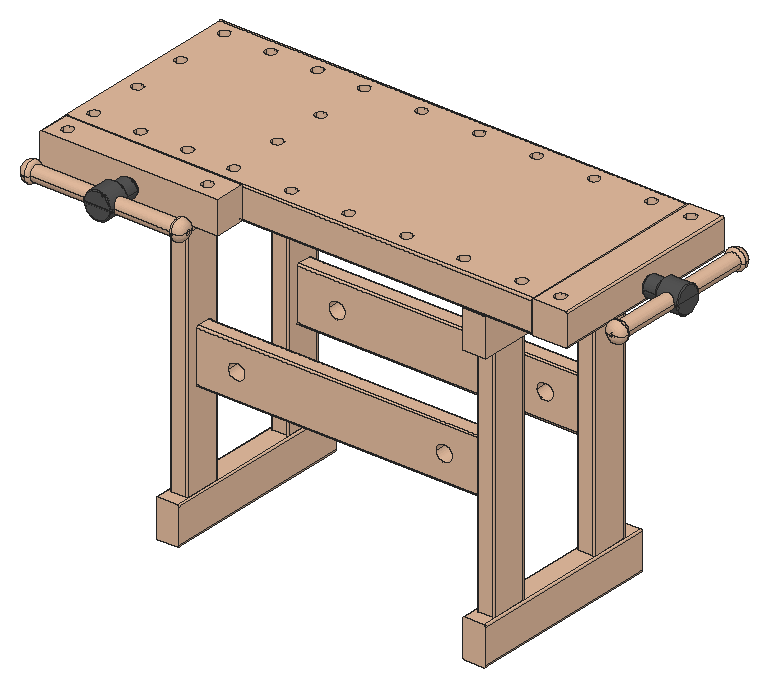
Revit family "Furniture_Other_Sjobergs_Workbench_Junior&Senior", category Furniture, Revit 2017
Family settings
  OmniClass Number = 23.40.70.14
  OmniClass Title = Retail and Commercial Equipment and Furnishings
  Work Plane-Based = No
  Always vertical = Yes
  Cut with Voids When Loaded = No
  Shared = No
  Room Calculation Point = No
Parameters (values of type "33365 Sjobergs Bench Junior")
  Weight = "22 kg"
  WarrantyStartDate [instance] = "n/a"
  WarrantyGuarantorParts = "n/a"
  WarrantyGuarantorLabor = "n/a"
  WarrantyDurationUnit = "Year"
  WarrantyDurationParts = "n/a"
  WarrantyDurationLabor = "n/a"
  WarrantyDescription = "n/a"
  VersionDate = "26/06/2020"  # constant formula
  Version = "1"  # constant formula
  Uniclass2015Reference = "Pr_40_50_21_76"
  Uniclass2015Description = "Desks, Tables And Worktops"
  Uniclass2 = "Pr_40_50_21"
  URL = "https://www.sjobergs.se/sortiment/hobby/196.php?id=1025&cat=30&lang=se&artnr=33365"
  Type Comments = ""
  TagNumber [instance] = "n/a"
  TableSecondaryMaterial = Black Metal
  TableMainMaterial = Beech
  SustainabilityPerformance = "n/a"
  Style = "n/a"
  Size = "1000x490x640 mm"
  Shape = "Sculptured"
  SerialNumber [instance] = "n/a"
  Revision = "n/a"
  ReplacementCost = "n/a"
  ProductInformation = "Intended for pre-school and recreational activities. Junior&Senior is delivered complete with trestle and bench dogs. Trestle is delivered in 640 and 860 mm."
  ProductDatasheet = "https://www.sjobergs.se/dbhires/Produktblad_Junior_Senior_2020.pdf"
  NominalLength = 1000 mm
  NominalHeight [instance] = 640 mm
  NominalDepth = 490 mm
  Name = "Sjobergs_Workbench_Junior&Senior"
  NBSReference = "45-35-20/320"
  NBSDescription = "School art, design and technology tables and workbenches;"
  ModelType = 33365_Junior : 33365_Junior
  ModelReference = "33365"
  ModelNumber = "n/a"
  Material = "Wood, metal"
  ManufacturerURL = "https://www.sjobergs.se/en/"
  ManufacturerName = "Sjöbergs"
  Model = "33365 Sjobergs Bench Junior"
  Manufacturer = ManufacturerName  # "Sjöbergs"
  MainColor = "Wooden"
  InstallationDate [instance] = "n/a"
  IfcExportType = "TABLE"  # constant formula
  IfcExportAs = "IfcFurnishingElementType"  # constant formula
  Grade = "n/a"
  Finish = "Solid birch"
  Features = "A sturdy bench with many features that facilitate woodworking and crafts. The bench has two double rows of bench dog holes. Cupboard 0022 only suits the Senior height."
  ExpectedLife = "n/a"
  EANNumber = ""
  DurationUnit = "Year"
  Description = "Intended for pre-school and recreational activities. Junior&Senior is delivered complete with trestle and bench dogs. Trestle is delivered in 640 and 860 mm."
  Cost = 0
  ConvergoRefNr = "0184-2005-0019-SE"
  Constituents = "33365 Junior"
  Color = MainColor  # "Wooden"
  Collection = "Planer Benches"
  CodePerformance = "n/a"
  Barcode [instance] = "n/a"
  AssetIdentifier [instance] = "n/a"
  Category = "Hobby"
  Brand = ManufacturerName  # "Sjöbergs"
  BIMObjectName = "Furniture_Other_Sjobergs_Workbench_Junior&Senior"
  Author = "Convergo AB"  # constant formula
  AssetType = "Movable"
  AccessibilityPerformance = "n/a"
Types (3, lengths in mm): name | Size | NominalHeight | ModelType | Model | Constituents
  (no name) | "1000x490x640 mm" | 640 | 33365_Junior : 33365_Junior | "33365 Sjobergs Bench Junior" | "33365 Junior"
  33365 Sjobergs Bench Junior | "1000x490x640 mm" | 640 | 33365_Junior : 33365_Junior | "33365 Sjobergs Bench Junior" | "33365 Junior"
  33365 Sjobergs Bench Senior | "1000x490x860 mm" | 860 | 33365_Senior : 33365_Senior | "33365 Sjobergs Bench Senior" | "33365 Senior"
Reference planes
  plane 1 "Center (Front/Back)": y = 0
  plane 2: z = 0
  plane 3 "Center (Left/Right)": x = 0
  plane 4: x = -500
  plane 5: x = 500
  plane 6: y = 245
  plane 7: y = -245
  plane 8: z = 640
Dimensions and locks
  equal spacing: plane 4, plane 3 "Center (Left/Right)", plane 5
  "NominalLength": plane 4 to plane 5
  equal spacing: plane 6, plane 1 "Center (Front/Back)", plane 7
  "NominalDepth": plane 7 to plane 6
  "NominalHeight": plane 8 to plane 2
  aligned and locked: level to plane 2
  aligned and locked: plane 3 "Center (Left/Right)" to nested 1
  aligned and locked: plane 1 "Center (Front/Back)" to nested 1
Nested families
  nested 1: "33365_Junior" at (0, 0, 0), type <- "ModelType", Main <- "TableMainMaterial", Secondary <- "TableSecondaryMaterial", type "33365_Junior"
    with Secondary Black Metal, Main Beech
Definition of nested family "33365_Junior"
  Parameters (values of type "33365_Junior")
    Secondary [instance] = none
    Main [instance] = none
  Reference planes
    plane 1 "Center (Front/Back)": y = 0
    plane 2: z = 0
    plane 3 "Center (Left/Right)": x = 0
    plane 4: z = 640
    plane 5: x = -500
    plane 6: x = 500
    plane 7: y = 245
    plane 8: y = -245
  Forms (mm)
    Extrusion 1, solid, material <- "Main", detail levels medium+fine
      sketch origin (-268.25, 0, -260.5) x (-1, 0, 0) y (0, 0, -1)
        loop
          line (-694.75, -843.5) -> (-694.75, -897.5)
          arc (-694.75, -897.5) -> (-693.871, -899.621) -> (-691.75, -900.5) r 3
          line (-691.75, -900.5) -> (-632.75, -900.5)
          arc (-632.75, -900.5) -> (-630.629, -899.621) -> (-629.75, -897.5) r 3
          line (-629.75, -897.5) -> (-629.75, -843.5)
          arc (-629.75, -843.5) -> (-630.629, -841.379) -> (-632.75, -840.5) r 3
          line (-632.75, -840.5) -> (-691.75, -840.5)
          arc (-691.75, -840.5) -> (-693.871, -841.379) -> (-694.75, -843.5) r 3
      from -245 to 115
    Extrusion 2, solid, material <- "Main", detail levels medium+fine
      sketch origin (61, 125.25, -260.5) x (1, 0, 0) y (0, 0, 1)
        loop
          arc (-561, 843.5) -> (-560.121, 841.379) -> (-558, 840.5) r 3
          line (-558, 840.5) -> (-234.25, 840.5) -> (-234.25, 900.5) -> (-558, 900.5)
          arc (-558, 900.5) -> (-560.121, 899.621) -> (-561, 897.5) r 3
          line (-561, 897.5) -> (-561, 843.5)
      from 240.25 to 296.75
    Extrusion 3, solid, material <- "Main", detail levels medium+fine
      sketch origin (1202.087, 0, -260.5) x (1, 0, 0) y (0, 0, 1)
        loop
          line (-1702.087, 900.5) -> (-1702.087, 840.5) -> (-840.587, 840.5) -> (-840.587, 900.5) -> (-1702.087, 900.5)
      from -185 to 55
    Extrusion 4, solid, material <- "Main", detail levels medium+fine
      sketch origin (-648, -534.087, -260.5) x (0, -1, 0) y (0, 0, -1)
        loop
          line (-479.087, -900.5) -> (-422.087, -900.5)
          arc (-422.087, -900.5) -> (-419.965, -899.621) -> (-419.087, -897.5) r 3
          line (-419.087, -897.5) -> (-419.087, -843.5)
          arc (-419.087, -843.5) -> (-419.965, -841.379) -> (-422.087, -840.5) r 3
          line (-422.087, -840.5) -> (-479.087, -840.5) -> (-479.087, -900.5)
        loop
          line (-719.087, -900.5) -> (-719.087, -840.5) -> (-776.087, -840.5)
          arc (-776.087, -840.5) -> (-778.208, -841.379) -> (-779.087, -843.5) r 3
          line (-779.087, -843.5) -> (-779.087, -897.5)
          arc (-779.087, -897.5) -> (-778.208, -899.621) -> (-776.087, -900.5) r 3
          line (-776.087, -900.5) -> (-719.087, -900.5)
      from 148 to 1009.5
    Extrusion 5, solid, material <- "Main", detail levels medium+fine
      sketch origin (104, 50, 0) x (1, 0, 0) y (0, 1, 0)
        loop
          line (-430, -72.75) -> (-430, -136.75)
          arc (-430, -136.75) -> (-429.121, -138.871) -> (-427, -139.75) r 3
          line (-427, -139.75) -> (-401, -139.75)
          arc (-401, -139.75) -> (-398.879, -138.871) -> (-398, -136.75) r 3
          line (-398, -136.75) -> (-398, -72.75)
          arc (-398, -72.75) -> (-398.879, -70.629) -> (-401, -69.75) r 3
          line (-401, -69.75) -> (-427, -69.75)
          arc (-427, -69.75) -> (-429.121, -70.629) -> (-430, -72.75) r 3
        loop
          line (-430, 159.25) -> (-430, 95.25)
          arc (-430, 95.25) -> (-429.121, 93.129) -> (-427, 92.25) r 3
          line (-427, 92.25) -> (-401, 92.25)
          arc (-401, 92.25) -> (-398.879, 93.129) -> (-398, 95.25) r 3
          line (-398, 95.25) -> (-398, 159.25)
          arc (-398, 159.25) -> (-398.879, 161.371) -> (-401, 162.25) r 3
          line (-401, 162.25) -> (-427, 162.25)
          arc (-427, 162.25) -> (-429.121, 161.371) -> (-430, 159.25) r 3
        loop
          line (164, 162.25) -> (138, 162.25)
          arc (138, 162.25) -> (135.879, 161.371) -> (135, 159.25) r 3
          line (135, 159.25) -> (135, 95.25)
          arc (135, 95.25) -> (135.879, 93.129) -> (138, 92.25) r 3
          line (138, 92.25) -> (164, 92.25)
          arc (164, 92.25) -> (166.121, 93.129) -> (167, 95.25) r 3
          line (167, 95.25) -> (167, 159.25)
          arc (167, 159.25) -> (166.121, 161.371) -> (164, 162.25) r 3
        loop
          line (164, -69.75) -> (138, -69.75)
          arc (138, -69.75) -> (135.879, -70.629) -> (135, -72.75) r 3
          line (135, -72.75) -> (135, -136.75)
          arc (135, -136.75) -> (135.879, -138.871) -> (138, -139.75) r 3
          line (138, -139.75) -> (164, -139.75)
          arc (164, -139.75) -> (166.121, -138.871) -> (167, -136.75) r 3
          line (167, -136.75) -> (167, -72.75)
          arc (167, -72.75) -> (166.121, -70.629) -> (164, -69.75) r 3
      from 70 to 510
    Extrusion 6, solid, material <- "Main", detail levels medium+fine
      sketch origin (0, 0, -700) x (1, 0, 0) y (0, 0, 1)
        loop
          line (-331, 1280) -> (-331, 1210) -> (-289, 1210) -> (-289, 1280) -> (-331, 1280)
        loop
          line (234, 1280) -> (234, 1210) -> (276, 1210) -> (276, 1280) -> (234, 1280)
        loop
          line (-331, 767) -> (-331, 703)
          arc (-331, 703) -> (-330.121, 700.879) -> (-328, 700) r 3
          line (-328, 700) -> (-292, 700)
          arc (-292, 700) -> (-289.879, 700.879) -> (-289, 703) r 3
          line (-289, 703) -> (-289, 767)
          arc (-289, 767) -> (-289.879, 769.121) -> (-292, 770) r 3
          line (-292, 770) -> (-328, 770)
          arc (-328, 770) -> (-330.121, 769.121) -> (-331, 767) r 3
        loop
          line (234, 767) -> (234, 703)
          arc (234, 703) -> (234.879, 700.879) -> (237, 700) r 3
          line (237, 700) -> (273, 700)
          arc (273, 700) -> (275.121, 700.879) -> (276, 703) r 3
          line (276, 703) -> (276, 767)
          arc (276, 767) -> (275.121, 769.121) -> (273, 770) r 3
          line (273, 770) -> (237, 770)
          arc (237, 770) -> (234.879, 769.121) -> (234, 767) r 3
      from -245 to 115
    Revolve 7, solid, material <- "Secondary", detail levels medium+fine
      sketch origin (50.625, 125.25, 604.5) x (1, 0, 0) y (0, 1, 0)
        loop
          line (-387.25, -370.25) -> (-387.25, -269.75) -> (-403.336, -269.75) -> (-403.336, -299.75) -> (-405.25, -301.664) -> (-405.25, -324.25) -> (-412.25, -331.25) -> (-412.25, -368.482) -> (-410.482, -370.25) -> (-387.25, -370.25)
        axis (-387.25, -269.75) -> (-387.25, -370.25)
      angle from 0 to 360
    Revolve 8, solid, material <- "Main", detail levels medium+fine
      sketch origin (50.625, 125.25, 605.125) x (1, 0, 0) y (0, 1, 0)
        loop
          line (-538.058, -349.75) -> (-236.472, -349.75) -> (-236.472, -346.25)
          arc (-236.472, -346.25) -> (-240.865, -335.643) -> (-251.472, -331.25) r 15
          arc (-251.472, -331.25) -> (-255.377, -332.664) -> (-257.472, -336.25) r 6.1
          line (-257.472, -336.25) -> (-517.058, -336.25)
          arc (-517.058, -336.25) -> (-519.153, -332.664) -> (-523.058, -331.25) r 6.1
          arc (-523.058, -331.25) -> (-533.664, -335.643) -> (-538.058, -346.25) r 15
          line (-538.058, -346.25) -> (-538.058, -349.75)
        axis (-538.058, -349.75) -> (-236.472, -349.75)
      angle from 0 to 360
    Revolve 9, solid, material <- "Secondary", detail levels medium+fine
      sketch origin (129.75, 458.5, 604.5) x (0, 1, 0) y (-1, 0, 0)
        loop
          line (-387.25, -370.25) -> (-387.25, -269.75) -> (-403.336, -269.75) -> (-403.336, -299.75) -> (-405.25, -301.664) -> (-405.25, -324.25) -> (-412.25, -331.25) -> (-412.25, -368.482) -> (-410.482, -370.25) -> (-387.25, -370.25)
        axis (-387.25, -269.75) -> (-387.25, -370.25)
      angle from 0 to 360
    Revolve 10, solid, material <- "Main", detail levels medium+fine
      sketch origin (129.75, 458.5, 605.125) x (0, 1, 0) y (-1, 0, 0)
        loop
          line (-538.058, -349.75) -> (-236.472, -349.75) -> (-236.472, -346.25)
          arc (-236.472, -346.25) -> (-240.865, -335.643) -> (-251.472, -331.25) r 15
          arc (-251.472, -331.25) -> (-255.377, -332.664) -> (-257.472, -336.25) r 6.1
          line (-257.472, -336.25) -> (-517.058, -336.25)
          arc (-517.058, -336.25) -> (-519.153, -332.664) -> (-523.058, -331.25) r 6.1
          arc (-523.058, -331.25) -> (-533.664, -335.643) -> (-538.058, -346.25) r 15
          line (-538.058, -346.25) -> (-538.058, -349.75)
        axis (-538.058, -349.75) -> (-236.472, -349.75)
      angle from 0 to 360
    Extrusion 11, void
      sketch origin (0, 0, -260.5) x (1, 0, 0) y (0, 1, 0)
        loop
          circle (-470, 215) r 10
        loop
          circle (-384, 215) r 10
        loop
          circle (-298, 215) r 10
        loop
          circle (-212, 215) r 10
        loop
          circle (-106, 215) r 10
        loop
          circle (390, 215) r 10
        loop
          circle (-470, -85) r 10
        loop
          circle (-384, -85) r 10
        loop
          circle (-298, -85) r 10
        loop
          circle (-212, -85) r 10
        loop
          circle (-106, -85) r 10
        loop
          circle (390, -85) r 10
        loop
          circle (-470, -145) r 10
        loop
          circle (-212, -145) r 10
        loop
          circle (-470, 15) r 10
        loop
          circle (-212, 15) r 10
        loop
          circle (-470, 115) r 10
        loop
          circle (-212, 115) r 10
        loop
          circle (0, 215) r 10
        loop
          circle (0, -85) r 10
        loop
          circle (106, 215) r 10
        loop
          circle (106, -85) r 10
        loop
          circle (212, 215) r 10
        loop
          circle (212, -85) r 10
        loop
          circle (318, 215) r 10
        loop
          circle (318, -85) r 10
      from 821 to 970.05
    Extrusion 12, solid, material <- "Main", detail levels coarse
      sketch origin (0, 0, 0) x (1, 0, 0) y (0, 1, 0)
        loop
          line (-500, 245) -> (-500, -245) -> (500, -245) -> (500, 245) -> (-500, 245)
      from 0 to 640
    Extrusion 13, solid, material <- "Main", detail levels medium+fine
      sketch origin (0, 0, -155) x (0, 1, 0) y (0, 0, 1)
        loop
          arc (192.25, 497) -> (191.371, 499.121) -> (189.25, 500) r 3
          line (189.25, 500) -> (165.25, 500)
          arc (165.25, 500) -> (163.129, 499.121) -> (162.25, 497) r 3
          line (162.25, 497) -> (162.25, 403)
          arc (162.25, 403) -> (163.129, 400.879) -> (165.25, 400) r 3
          line (165.25, 400) -> (189.25, 400)
          arc (189.25, 400) -> (191.371, 400.879) -> (192.25, 403) r 3
          line (192.25, 403) -> (192.25, 497)
        loop
          arc (-39.75, 497) -> (-40.629, 499.121) -> (-42.75, 500) r 3
          line (-42.75, 500) -> (-66.75, 500)
          arc (-66.75, 500) -> (-68.871, 499.121) -> (-69.75, 497) r 3
          line (-69.75, 497) -> (-69.75, 403)
          arc (-69.75, 403) -> (-68.871, 400.879) -> (-66.75, 400) r 3
          line (-66.75, 400) -> (-42.75, 400)
          arc (-42.75, 400) -> (-40.629, 400.879) -> (-39.75, 403) r 3
          line (-39.75, 403) -> (-39.75, 497)
      from -294 to 239
    Extrusion 14, void
      sketch origin (0, 0, -155) x (1, 0, 0) y (0, 0, 1)
        loop
          circle (-219, 450) r 15
        loop
          circle (164, 450) r 15
      from -370.25 to 370.25
  Cuts and joins
    Extrusion 11 cuts Extrusion 3
    Extrusion 11 cuts Extrusion 4
    joined: Extrusion 3, Extrusion 4
    Extrusion 11 cuts Extrusion 1
    Extrusion 11 cuts Extrusion 2
    Extrusion 14 cuts Extrusion 13
    joined: Extrusion 5, Extrusion 6, Extrusion 13
  Lines and regions (mm)
    symbolic lines, detail levels fine
      curve 1: line (361.5, -115, 0) -> (361.5, 245, 0)
      curve 3: line (431.414, 89.25, 0) -> (431.414, 53.25, 0)
      curve 7: line (454, 89.25, 0) -> (454, 53.25, 0)
      curve 16: line (493, 201.043, 0) -> (466, 201.043, 0)
      curve 29: line (429.5, 87.336, 0) -> (429.5, 55.164, 0)
      curve 31: line (461, 46.25, 0) -> (461, 96.25, 0)
      curve 32: line (498.232, 46.25, 0) -> (498.232, 96.25, 0)
      curve 33: arc (466, 96.25, 0) -> (479.5, 91.674, 0) -> (493, 96.25, 0) r 22.203
      curve 34: arc (466, 46.25, 0) -> (479.5, 50.534, 0) -> (493, 46.25, 0) r 23.414
      curve 35: line (493, -58.543, 0) -> (466, -58.543, 0)
      curve 43: line (-318.625, -176.414, 0) -> (-354.625, -176.414, 0)
      curve 47: line (-318.625, -199, 0) -> (-354.625, -199, 0)
      curve 56: line (-206.832, -238, 0) -> (-206.832, -211, 0)
      curve 69: line (-320.539, -174.5, 0) -> (-352.711, -174.5, 0)
      curve 71: line (-361.625, -206, 0) -> (-311.625, -206, 0)
      curve 72: line (-361.625, -243.232, 0) -> (-311.625, -243.232, 0)
      curve 73: arc (-311.625, -211, 0) -> (-316.201, -224.5, 0) -> (-311.625, -238, 0) r 22.203
      curve 74: arc (-361.625, -211, 0) -> (-357.341, -224.5, 0) -> (-361.625, -238, 0) r 23.414
      curve 75: line (-466.418, -238, 0) -> (-466.418, -211, 0)
      curve 84: line (-500, -115, 0) -> (-173.25, -115, 0)
      curve 90: line (0, -176.414, 586.5) -> (0, -176.414, 622.5)
      curve 93: line (0, -199, 586.5) -> (0, -199, 622.5)
      curve 103: line (0, -243.161, 629.571) -> (0, -243.161, 579.429)
      curve 104: line (0, -206.071, 579.429) -> (0, -206.071, 629.571)
      curve 105: line (0, -174.5, 620.586) -> (0, -174.5, 588.414)
      curve 106: circle (0, -224.616, 605.125) r 18.545 normal (-1, 0, 0)
      curve 111: line (299.5, 0, 580) -> (299.5, 0, 640)
      curve 113: arc (364.22, 0, 640) -> (362.033, 0, 639.094) -> (361.127, 0, 636.907) r 3.093
      curve 114: line (361.127, 0, 636.907) -> (361.127, 0, 580)
      curve 119: line (431.414, 0, 622.5) -> (431.414, 0, 586.5)
      curve 123: line (454, 0, 622.5) -> (454, 0, 586.5)
      curve 132: line (461.071, 0, 629.571) -> (461.071, 0, 579.429)
      curve 133: line (498.161, 0, 629.571) -> (498.161, 0, 579.429)
      curve 134: circle (479.573, 0, 605.215) r 18.503 normal (0, -1, 0)
      curve 135: line (-467.125, 0, 618.625) -> (-467.125, 0, 591.625)
      curve 136: line (-467.125, 0, 591.625) -> (-357.969, 0, 591.625)
      curve 137: line (-467.125, 0, 618.625) -> (-357.143, 0, 618.625)
      curve 138: arc (-361.625, 0, 604.5) -> (-337.125, 0, 580) -> (-312.625, 0, 604.5) r 24.5
      curve 139: arc (-312.625, 0, 604.5) -> (-337.125, 0, 629) -> (-361.625, 0, 604.5) r 24.5
      curve 140: arc (-360.357, 0, 604.5) -> (-337.125, 0, 627.732) -> (-313.893, 0, 604.5) r 23.232
      curve 141: arc (-313.893, 0, 604.5) -> (-337.125, 0, 581.268) -> (-360.357, 0, 604.5) r 23.232
      curve 142: arc (-467.125, 0, 618.625) -> (-469.024, 0, 621.63) -> (-472.03, 0, 623.53) r 8.08
      curve 143: arc (-472.03, 0, 623.53) -> (-479.951, 0, 623.427) -> (-485.895, 0, 618.189) r 11.405
      curve 144: arc (-485.895, 0, 618.189) -> (-487.635, 0, 613.837) -> (-488.354, 0, 609.204) r 20.735
      curve 145: line (-488.354, 0, 609.204) -> (-488.354, 0, 605.125)
      curve 146: arc (-467.125, 0, 591.625) -> (-469.024, 0, 588.62) -> (-472.03, 0, 586.72) r 8.08
      curve 147: arc (-472.03, 0, 586.72) -> (-479.951, 0, 586.823) -> (-485.895, 0, 592.061) r 11.405
      curve 148: arc (-485.895, 0, 592.061) -> (-487.635, 0, 596.413) -> (-488.354, 0, 601.046) r 20.735
      curve 149: line (-488.354, 0, 601.046) -> (-488.354, 0, 605.125)
      curve 150: line (-208.264, 0, 618.625) -> (-208.264, 0, 591.625)
      curve 151: line (-208.264, 0, 591.625) -> (-316.281, 0, 591.625)
      curve 152: line (-208.264, 0, 618.625) -> (-317.107, 0, 618.625)
      curve 153: arc (-208.264, 0, 618.625) -> (-206.365, 0, 621.63) -> (-203.36, 0, 623.53) r 8.08
      curve 154: arc (-203.36, 0, 623.53) -> (-195.438, 0, 623.427) -> (-189.495, 0, 618.189) r 11.405
      curve 155: arc (-189.495, 0, 618.189) -> (-187.754, 0, 613.837) -> (-187.036, 0, 609.204) r 20.735
      curve 156: line (-187.036, 0, 609.204) -> (-187.036, 0, 605.125)
      curve 157: arc (-208.264, 0, 591.625) -> (-206.365, 0, 588.62) -> (-203.36, 0, 586.72) r 8.08
      curve 158: arc (-203.36, 0, 586.72) -> (-195.438, 0, 586.823) -> (-189.495, 0, 592.061) r 11.405
      curve 159: arc (-189.495, 0, 592.061) -> (-187.754, 0, 596.413) -> (-187.036, 0, 601.046) r 20.735
      curve 160: line (-187.036, 0, 601.046) -> (-187.036, 0, 605.125)
      curve 161: line (-331, 0, 580) -> (-337.125, 0, 580)
      curve 170: line (0, -89.75, 70) -> (0, 212.25, 70)
      curve 172: line (0, 142.25, 70) -> (0, 142.25, 510)
      curve 173: line (0, -19.75, 510) -> (0, -19.75, 70)
      curve 175: line (0, 212.25, 510) -> (0, -89.75, 510)
      curve 177: line (-326, 0, 510) -> (-292, 0, 510)
      curve 180: line (-294, 0, 510) -> (-294, 0, 245)
      curve 189: line (-326, 0, 70) -> (-294, 0, 70)
      curve 191: line (271, 0, 510) -> (237, 0, 510)
      curve 192: line (234, 0, 513) -> (234, 0, 580)
      curve 194: arc (237, 0, 510) -> (234.879, 0, 510.879) -> (234, 0, 513) r 3
      curve 196: line (239, 0, 510) -> (239, 0, 245)
      curve 207: line (271, 0, 70) -> (239, 0, 70)
      curve 209: line (239, 0, 345) -> (-294, 0, 345)
      curve 214: circle (164, 0, 295) r 15 normal (0, -1, 0)
      curve 215: circle (-219, 0, 295) r 15 normal (0, -1, 0)
      curve 220: line (426.5, 0, 588.414) -> (426.5, 0, 620.586)
      curve 221: line (0, -174.5, 588.414) -> (0, -176.414, 586.5)
      curve 224: line (0, -171.5, 620.586) -> (0, -171.5, 588.414)
      curve 226: line (0, -115, 580) -> (0, 245, 580)
      curve 229: line (426.5, 55.164, 0) -> (426.5, 87.336, 0)
      curve 236: line (-352.711, -171.5, 0) -> (-320.539, -171.5, 0)
      curve 239: circle (-470, 215, 0) r 10 normal (0, 0, 1)
      curve 240: circle (-384, 215, 0) r 10 normal (0, 0, 1)
      curve 241: circle (-298, 215, 0) r 10 normal (0, 0, 1)
      curve 242: circle (-212, 215, 0) r 10 normal (0, 0, 1)
      curve 243: circle (-106, 215, 0) r 10 normal (0, 0, 1)
      curve 244: circle (0, 215, 0) r 10 normal (0, 0, 1)
      curve 245: circle (106, 215, 0) r 10 normal (0, 0, 1)
      curve 246: circle (212, 215, 0) r 10 normal (0, 0, 1)
      curve 247: circle (318, 215, 0) r 10 normal (0, 0, 1)
      curve 248: circle (318, -85, 0) r 10 normal (0, 0, 1)
      curve 249: circle (212, -85, 0) r 10 normal (0, 0, 1)
      curve 250: circle (106, -85, 0) r 10 normal (0, 0, 1)
      curve 251: circle (0, -85, 0) r 10 normal (0, 0, 1)
      curve 252: circle (-106, -85, 0) r 10 normal (0, 0, 1)
      curve 253: circle (-212, -85, 0) r 10 normal (0, 0, 1)
      curve 254: circle (-384, -85, 0) r 10 normal (0, 0, 1)
      curve 255: circle (-470, -85, 0) r 10 normal (0, 0, 1)
      curve 256: circle (-470, 15, 0) r 10 normal (0, 0, 1)
      curve 257: circle (-470, 115, 0) r 10 normal (0, 0, 1)
      curve 258: circle (-212, 115, 0) r 10 normal (0, 0, 1)
      curve 259: circle (-212, 15, 0) r 10 normal (0, 0, 1)
      curve 260: circle (-212, -145, 0) r 10 normal (0, 0, 1)
      curve 261: circle (-470, -145, 0) r 10 normal (0, 0, 1)
      curve 262: circle (-298, -85, 0) r 10 normal (0, 0, 1)
      curve 263: circle (390, -85, 0) r 10 normal (0, 0, 1)
      curve 264: circle (390, 215, 0) r 10 normal (0, 0, 1)
      curve 265: line (-289, 0, 513) -> (-289, 0, 580)
      curve 266: line (-331, 0, 580) -> (276, 0, 580)
      curve 267: arc (-289, 0, 513) -> (-289.879, 0, 510.879) -> (-292, 0, 510) r 3
    symbolic lines, detail levels medium+fine
      curve 2: line (426.5, -115, 0) -> (426.5, 55.164, 0)
      curve 4: line (431.414, 53.25, 0) -> (429.5, 55.164, 0)
      curve 5: line (431.414, 89.25, 0) -> (429.5, 87.336, 0)
      curve 6: line (431.414, 89.25, 0) -> (454, 89.25, 0)
      curve 8: line (454, 53.25, 0) -> (431.414, 53.25, 0)
      curve 9: line (500, 48.018, 0) -> (500, 94.482, 0)
      curve 10: line (500, 94.482, 0) -> (498.232, 96.25, 0)
      curve 11: line (498.232, 96.25, 0) -> (493, 96.25, 0)
      curve 12: line (461, 96.25, 0) -> (454, 89.25, 0)
      curve 13: line (454, 53.25, 0) -> (461, 46.25, 0)
      curve 14: line (461, 46.25, 0) -> (466, 46.25, 0)
      curve 15: line (498.232, 46.25, 0) -> (500, 48.018, 0)
      curve 17: line (466, -58.543, 0) -> (466, 46.25, 0)
      curve 18: line (493, -58.592, 0) -> (493, 46.25, 0)
      curve 19: line (466, 201.043, 0) -> (466, 96.25, 0)
      curve 20: line (493, 201.092, 0) -> (493, 96.25, 0)
      curve 21: line (474.915, 222.058, 0) -> (483.718, 222.058, 0)
      curve 22: arc (462.398, 213.598, 0) -> (467.362, 219.745, 0) -> (474.915, 222.058, 0) r 13.49
      curve 23: arc (461.229, 205.896, 0) -> (461.366, 209.815, 0) -> (462.398, 213.598, 0) r 16.976
      curve 24: arc (466, 201.043, 0) -> (462.734, 202.604, 0) -> (461.229, 205.896, 0) r 5.307
      curve 25: arc (496.235, 213.598, 0) -> (491.272, 219.745, 0) -> (483.718, 222.058, 0) r 13.49
      curve 26: arc (497.405, 205.896, 0) -> (497.268, 209.815, 0) -> (496.235, 213.598, 0) r 16.976
      curve 27: arc (493, 201.092, 0) -> (496.027, 202.738, 0) -> (497.405, 205.896, 0) r 5.307
      curve 28: line (466, 96.25, 0) -> (461, 96.25, 0)
      curve 30: line (493, 46.25, 0) -> (498.232, 46.25, 0)
      curve 36: line (474.915, -79.558, 0) -> (483.718, -79.558, 0)
      curve 37: arc (462.398, -71.098, 0) -> (467.362, -77.245, 0) -> (474.915, -79.558, 0) r 13.49
      curve 38: arc (461.229, -63.396, 0) -> (461.366, -67.315, 0) -> (462.398, -71.098, 0) r 16.976
      curve 39: arc (466, -58.543, 0) -> (462.734, -60.104, 0) -> (461.229, -63.396, 0) r 5.307
      curve 40: arc (496.235, -71.098, 0) -> (491.272, -77.245, 0) -> (483.718, -79.558, 0) r 13.49
      curve 41: arc (497.405, -63.396, 0) -> (497.268, -67.315, 0) -> (496.235, -71.098, 0) r 16.976
      curve 42: arc (493, -58.592, 0) -> (496.027, -60.238, 0) -> (497.405, -63.396, 0) r 5.307
      curve 44: line (-354.625, -176.414, 0) -> (-352.711, -174.5, 0)
      curve 45: line (-318.625, -176.414, 0) -> (-320.539, -174.5, 0)
      curve 46: line (-318.625, -176.414, 0) -> (-318.625, -199, 0)
      curve 48: line (-354.625, -199, 0) -> (-354.625, -176.414, 0)
      curve 49: line (-359.857, -245, 0) -> (-313.393, -245, 0)
      curve 50: line (-313.393, -245, 0) -> (-311.625, -243.232, 0)
      curve 51: line (-311.625, -243.232, 0) -> (-311.625, -238, 0)
      curve 52: line (-311.625, -206, 0) -> (-318.625, -199, 0)
      curve 53: line (-354.625, -199, 0) -> (-361.625, -206, 0)
      curve 54: line (-361.625, -206, 0) -> (-361.625, -211, 0)
      curve 55: line (-361.625, -243.232, 0) -> (-359.857, -245, 0)
      curve 57: line (-466.418, -211, 0) -> (-361.625, -211, 0)
      curve 58: line (-466.467, -238, 0) -> (-361.625, -238, 0)
      curve 59: line (-206.832, -211, 0) -> (-311.625, -211, 0)
      curve 60: line (-206.832, -238, 0) -> (-311.625, -238, 0)
      curve 61: line (-185.817, -219.915, 0) -> (-185.817, -228.718, 0)
      curve 62: arc (-194.277, -207.398, 0) -> (-188.13, -212.362, 0) -> (-185.817, -219.915, 0) r 13.49
      curve 63: arc (-201.979, -206.229, 0) -> (-198.06, -206.366, 0) -> (-194.277, -207.398, 0) r 16.976
      curve 64: arc (-206.832, -211, 0) -> (-205.271, -207.734, 0) -> (-201.979, -206.229, 0) r 5.307
      curve 65: arc (-194.277, -241.235, 0) -> (-188.13, -236.272, 0) -> (-185.817, -228.718, 0) r 13.49
      curve 66: arc (-201.979, -242.405, 0) -> (-198.06, -242.268, 0) -> (-194.277, -241.235, 0) r 16.976
      curve 67: arc (-206.783, -238, 0) -> (-205.137, -241.027, 0) -> (-201.979, -242.405, 0) r 5.307
      curve 68: line (-311.625, -211, 0) -> (-311.625, -206, 0)
      curve 70: line (-361.625, -238, 0) -> (-361.625, -243.232, 0)
      curve 76: line (-487.433, -219.915, 0) -> (-487.433, -228.718, 0)
      curve 77: arc (-478.973, -207.398, 0) -> (-485.12, -212.362, 0) -> (-487.433, -219.915, 0) r 13.49
      curve 78: arc (-471.271, -206.229, 0) -> (-475.19, -206.366, 0) -> (-478.973, -207.398, 0) r 16.976
      curve 79: arc (-466.418, -211, 0) -> (-467.979, -207.734, 0) -> (-471.271, -206.229, 0) r 5.307
      curve 80: arc (-478.973, -241.235, 0) -> (-485.12, -236.272, 0) -> (-487.433, -228.718, 0) r 13.49
      curve 81: arc (-471.271, -242.405, 0) -> (-475.19, -242.268, 0) -> (-478.973, -241.235, 0) r 16.976
      curve 82: arc (-466.467, -238, 0) -> (-468.113, -241.027, 0) -> (-471.271, -242.405, 0) r 5.307
      curve 83: line (-500, -115, 0) -> (-500, 245, 0)
      curve 85: line (-500, 245, 0) -> (426.5, 245, 0)
      curve 86: line (0, 245, 640) -> (0, -171.5, 640)
      curve 87: line (0, 245, 510) -> (0, 245, 640)
      curve 88: line (0, -171.5, 580) -> (0, -115, 580)
      curve 89: line (0, -171.5, 640) -> (0, -171.5, 620.586)
      curve 91: line (0, -176.414, 622.5) -> (0, -174.5, 620.586)
      curve 92: line (0, -176.414, 586.5) -> (0, -174.5, 588.414)
      curve 94: line (0, -199, 622.5) -> (0, -176.414, 622.5)
      curve 95: line (0, -176.414, 586.5) -> (0, -199, 586.5)
      curve 96: line (0, -199, 622.5) -> (0, -206.071, 629.571)
      curve 97: line (0, -245, 627.732) -> (0, -243.161, 629.571)
      curve 98: line (0, -206.071, 629.571) -> (0, -243.161, 629.571)
      curve 99: line (0, -245, 627.732) -> (0, -245, 581.268)
      curve 100: line (0, -245, 581.268) -> (0, -243.161, 579.429)
      curve 101: line (0, -199, 586.5) -> (0, -206.071, 579.429)
      curve 102: line (0, -206.071, 579.429) -> (0, -243.161, 579.429)
      curve 107: line (-500, 0, 637.652) -> (-500, 0, 582.837)
      curve 108: arc (-497.652, 0, 640) -> (-499.312, 0, 639.312) -> (-500, 0, 637.652) r 2.348
      curve 109: arc (-500, 0, 582.837) -> (-499.169, 0, 580.831) -> (-497.163, 0, 580) r 2.837
      curve 110: line (276, 0, 580) -> (356.552, 0, 580)
      curve 112: line (-497.652, 0, 640) -> (424.022, 0, 640)
      curve 115: line (356.552, 0, 580) -> (361.127, 0, 580)
      curve 116: arc (426.5, 0, 637.522) -> (425.774, 0, 639.274) -> (424.022, 0, 640) r 2.478
      curve 117: line (361.127, 0, 580) -> (426.5, 0, 580)
      curve 118: line (426.5, 0, 580) -> (426.5, 0, 588.414)
      curve 120: line (431.414, 0, 586.5) -> (429.5, 0, 588.414)
      curve 121: line (431.414, 0, 622.5) -> (429.5, 0, 620.586)
      curve 122: line (431.414, 0, 622.5) -> (454, 0, 622.5)
      curve 124: line (454, 0, 586.5) -> (431.414, 0, 586.5)
      curve 125: line (454, 0, 622.5) -> (461.071, 0, 629.571)
      curve 126: line (500, 0, 627.732) -> (498.161, 0, 629.571)
      curve 127: line (461.071, 0, 629.571) -> (498.161, 0, 629.571)
      curve 128: line (500, 0, 581.268) -> (498.161, 0, 579.429)
      curve 129: line (454, 0, 586.5) -> (461.071, 0, 579.429)
      curve 130: line (461.071, 0, 579.429) -> (498.161, 0, 579.429)
      curve 131: line (500, 0, 581.268) -> (500, 0, 627.732)
      curve 162: line (0, 245, 510) -> (0, 212.25, 510)
      curve 163: line (0, -115, 510) -> (0, -115, 580)
      curve 164: line (0, 212.25, 510) -> (0, 212.25, 70)
      curve 165: line (0, 245, 70) -> (0, 245, 0)
      curve 166: line (0, 245, 0) -> (0, -115, 0)
      curve 167: line (0, -115, 0) -> (0, -115, 70)
      curve 168: line (0, -89.75, 510) -> (0, -89.75, 70)
      curve 169: line (0, -89.75, 70) -> (0, -115, 70)
      curve 171: line (0, 212.25, 70) -> (0, 245, 70)
      curve 174: line (0, -89.75, 510) -> (0, -115, 510)
      curve 176: line (-331, 0, 513) -> (-331, 0, 580)
      curve 178: arc (-331, 0, 513) -> (-330.121, 0, 510.879) -> (-328, 0, 510) r 3
      curve 179: line (-326, 0, 510) -> (-328, 0, 510)
      curve 181: arc (-328, 0, 70) -> (-330.121, 0, 69.121) -> (-331, 0, 67) r 3
      curve 182: line (-331, 0, 67) -> (-331, 0, 2.659)
      curve 183: line (-289, 0, 3) -> (-289, 0, 67)
      curve 184: arc (-331, 0, 2.659) -> (-330.221, 0, 0.779) -> (-328.341, 0, 0) r 2.659
      curve 185: line (-328.341, 0, 0) -> (-292, 0, 0)
      curve 186: arc (-292, 0, 0) -> (-289.879, 0, 0.879) -> (-289, 0, 3) r 3
      curve 187: line (-328, 0, 70) -> (-326, 0, 70)
      curve 188: line (-326, 0, 70) -> (-326, 0, 510)
      curve 190: line (276, 0, 513) -> (276, 0, 580)
      curve 193: arc (276, 0, 513) -> (275.121, 0, 510.879) -> (273, 0, 510) r 3
      curve 195: line (271, 0, 510) -> (273, 0, 510)
      curve 197: arc (273, 0, 70) -> (275.121, 0, 69.121) -> (276, 0, 67) r 3
      curve 198: line (276, 0, 67) -> (276, 0, 3)
      curve 199: arc (234, 0, 67) -> (234.879, 0, 69.121) -> (237, 0, 70) r 3
      curve 200: line (234, 0, 3) -> (234, 0, 67)
      curve 201: arc (276, 0, 3) -> (275.121, 0, 0.879) -> (273, 0, 0) r 3
      curve 202: line (273, 0, 0) -> (237, 0, 0)
      curve 203: arc (237, 0, 0) -> (234.879, 0, 0.879) -> (234, 0, 3) r 3
      curve 204: line (273, 0, 70) -> (271, 0, 70)
      curve 205: line (237, 0, 70) -> (239, 0, 70)
      curve 206: line (271, 0, 70) -> (271, 0, 510)
      curve 208: line (-294, 0, 245) -> (239, 0, 245)
      curve 210: line (-294, 0, 245) -> (-294, 0, 70)
      curve 211: line (239, 0, 245) -> (239, 0, 70)
      curve 212: line (429.5, 0, 620.586) -> (426.5, 0, 620.586)
      curve 213: line (429.5, 0, 588.414) -> (426.5, 0, 588.414)
      curve 216: arc (-292, 0, 70) -> (-289.879, 0, 69.121) -> (-289, 0, 67) r 3
      curve 217: line (-294, 0, 70) -> (-292, 0, 70)
      curve 218: line (-497.163, 0, 580) -> (-331, 0, 580)
      curve 219: line (426.5, 0, 620.586) -> (426.5, 0, 637.522)
      curve 222: line (0, -174.5, 620.586) -> (0, -171.5, 620.586)
      curve 223: line (0, -174.5, 588.414) -> (0, -171.5, 588.414)
      curve 225: line (0, -171.5, 588.414) -> (0, -171.5, 580)
      curve 227: line (429.5, 87.336, 0) -> (426.5, 87.336, 0)
      curve 228: line (429.5, 55.164, 0) -> (426.5, 55.164, 0)
      curve 230: line (426.5, 87.336, 0) -> (426.5, 245, 0)
      curve 231: line (-500, -115, 0) -> (-500, -171.5, 0)
      curve 232: line (-500, -171.5, 0) -> (-352.711, -171.5, 0)
      curve 233: line (-173.25, -171.5, 0) -> (-173.25, -115, 0)
      curve 234: line (-352.711, -174.5, 0) -> (-352.711, -171.5, 0)
      curve 235: line (-320.539, -174.5, 0) -> (-320.539, -171.5, 0)
      curve 237: line (-320.539, -171.5, 0) -> (-173.25, -171.5, 0)
      curve 238: line (-173.25, -115, 0) -> (426.5, -115, 0)
  Dimensions and locks
    aligned and locked: level to plane 2
    aligned and locked: Extrusion 12 to plane 4
  Automatic sketch dimensions
    plane 8 to Revolve 7 sketch curve = 0 mm
    Revolve 7 sketch curve to plane 8 = 39 mm
    plane 5 to Revolve 7 sketch curve = 138.375 mm
    Revolve 7 sketch curve to Revolve 7 sketch curve = 1.768 mm
    Revolve 7 sketch curve to Revolve 7 sketch curve = 7 mm  (x2)
    Revolve 7 sketch curve to Revolve 7 sketch curve = 1.914 mm  (x2)
    Revolve 7 sketch curve to Revolve 7 sketch curve = 16.086 mm
    Revolve 7 sketch curve to plane 8 = 1.768 mm
    Revolve 7 sketch curve to Revolve 7 sketch curve = 18 mm
    plane 8 to Revolve 7 sketch curve = 11.321 mm
    Revolve 7 sketch curve to Revolve 7 sketch curve = 18.307 mm
    Revolve 8 sketch curve to plane 8 = 20.5 mm
    plane 5 to Revolve 8 sketch curve = 12.567 mm
    Revolve 8 sketch curve to Revolve 8 sketch curve = 15 mm  (x2)
    Revolve 8 sketch curve to Revolve 8 sketch curve = 6 mm  (x2)
    Revolve 8 sketch curve to plane 8 = 34 mm
    Revolve 8 sketch curve to plane 3 "Center (Left/Right)" = 206.847 mm
    Revolve 8 sketch curve to Revolve 8 sketch curve = 10 mm
    Revolve 8 sketch curve to Revolve 8 sketch curve = 3.5 mm
    Revolve 8 sketch curve to Revolve 8 sketch curve = 1.1 mm  (x2)
    Revolve 8 sketch curve to Revolve 8 sketch curve = 9.808 mm
    Revolve 8 sketch curve to Revolve 8 sketch curve = 25 mm
    Revolve 8 sketch curve to Revolve 8 sketch curve = 0 mm
    Revolve 9 sketch curve to plane 6 = 0 mm
    plane 6 to Revolve 9 sketch curve = 1.768 mm
    Revolve 9 sketch curve to plane 1 "Center (Front/Back)" = 46.25 mm
    Revolve 9 sketch curve to Revolve 9 sketch curve = 1.768 mm
    Revolve 9 sketch curve to Revolve 9 sketch curve = 7 mm  (x2)
    Revolve 9 sketch curve to Revolve 9 sketch curve = 1.914 mm  (x2)
    Revolve 9 sketch curve to Revolve 9 sketch curve = 23.232 mm
    Revolve 9 sketch curve to Revolve 9 sketch curve = 37.232 mm
    Revolve 9 sketch curve to Revolve 9 sketch curve = 22.586 mm
    Revolve 9 sketch curve to Revolve 9 sketch curve = 0 mm
    Revolve 9 sketch curve to Revolve 9 sketch curve = 11.321 mm
    Revolve 9 sketch curve to Revolve 9 sketch curve = 18.307 mm
    Revolve 10 sketch curve to Revolve 10 sketch curve = 15 mm  (x2)
    Revolve 10 sketch curve to Revolve 10 sketch curve = 6 mm  (x2)
    Revolve 10 sketch curve to plane 7 = 43.972 mm
    plane 6 to Revolve 10 sketch curve = 20.5 mm
    Revolve 10 sketch curve to Revolve 10 sketch curve = 3.5 mm  (x2)
    Revolve 10 sketch curve to Revolve 10 sketch curve = 6.1 mm  (x2)
    Revolve 10 sketch curve to Revolve 10 sketch curve = 1.1 mm
    Revolve 10 sketch curve to Revolve 10 sketch curve = 9.808 mm
    plane 7 to Revolve 10 sketch curve = 11.836 mm
    Revolve 10 sketch curve to Revolve 10 sketch curve = 0 mm
    Extrusion 12 sketch curve to plane 5 = 0 mm
    plane 8 to Extrusion 12 sketch curve = 0 mm
    plane 6 to Extrusion 12 sketch curve = 0 mm
    plane 7 to Extrusion 12 sketch curve = 0 mm
    Extrusion 13 sketch curve to Extrusion 13 sketch curve = 3 mm  (x5)
    Extrusion 13 sketch curve to plane 7 = 82.75 mm
    Extrusion 13 sketch curve to plane 7 = 79.75 mm  (x2)
    Extrusion 13 sketch curve to Extrusion 13 sketch curve = 24 mm  (x3)
    level to Extrusion 13 sketch curve = 245 mm  (x2)
    Extrusion 13 sketch curve to Extrusion 13 sketch curve = 94 mm  (x2)
    Extrusion 14 sketch curve to plane 3 "Center (Left/Right)" = 219 mm
    plane 3 "Center (Left/Right)" to Extrusion 14 sketch curve = 164 mm
    level to Extrusion 14 sketch curve = 295 mm  (x2)
    plane 5 to Extrusion 11 sketch curve = 30 mm  (x5)
    Extrusion 11 sketch curve to plane 1 "Center (Front/Back)" = 15 mm  (x2)
    Extrusion 11 sketch curve to Extrusion 11 sketch curve = 86 mm  (x7)
    Extrusion 11 sketch curve to plane 7 = 30 mm  (x10)
    Extrusion 11 sketch curve to Extrusion 11 sketch curve = 0 mm  (x3)
    Extrusion 11 sketch curve to Extrusion 11 sketch curve = 106 mm  (x6)
    Extrusion 11 sketch curve to plane 3 "Center (Left/Right)" = 0 mm  (x2)
    plane 3 "Center (Left/Right)" to Extrusion 11 sketch curve = 106 mm  (x2)
    Extrusion 11 sketch curve to Extrusion 11 sketch curve = 100 mm  (x2)
    plane 1 "Center (Front/Back)" to Extrusion 5 sketch curve = 22.75 mm  (x2)
    plane 5 to Extrusion 5 sketch curve = 174 mm
    Extrusion 5 sketch curve to plane 7 = 99.75 mm
    Extrusion 5 sketch curve to Extrusion 5 sketch curve = 0 mm
    Extrusion 5 sketch curve to Extrusion 5 sketch curve = 3 mm  (x12)
    Extrusion 5 sketch curve to Extrusion 5 sketch curve = 26 mm  (x8)
    plane 3 "Center (Left/Right)" to Extrusion 5 sketch curve = 239 mm  (x2)
    Extrusion 5 sketch curve to plane 7 = 35.75 mm  (x2)
    Extrusion 5 sketch curve to Extrusion 5 sketch curve = 67 mm
    curve 99 to plane 8 = 0 mm
    plane 4 to curve 89 = 0 mm
    curve 166 to level = 0 mm
    curve 166 to plane 7 = 0 mm
    curve 162 to plane 7 = 0 mm
    curve 103 to plane 8 = 1.839 mm
    curve 106 to plane 8 = 20.384 mm
    curve 106 to curve 102 = 18.545 mm
    curve 96 to curve 93 = 7.071 mm
    curve 93 to curve 95 = 22.586 mm
    curve 90 to curve 92 = 1.914 mm
    curve 90 to curve 225 = 4.914 mm
    curve 167 to curve 169 = 25.25 mm
    curve 164 to curve 87 = 32.75 mm
    level to curve 171 = 70 mm
    plane 4 to curve 175 = 130 mm
    plane 4 to curve 104 = 60.571 mm
    plane 4 to curve 88 = 60 mm
    curve 100 to curve 99 = 1.839 mm
    curve 101 to curve 101 = 7.071 mm
    curve 90 to curve 105 = 1.914 mm
    curve 99 to curve 106 = 23.857 mm
    plane 4 to curve 89 = 19.414 mm
    curve 91 to curve 91 = 1.914 mm
    plane 4 to curve 97 = 12.268 mm
    curve 93 to curve 98 = 7.071 mm
    plane 1 "Center (Front/Back)" to curve 173 = 19.75 mm
    curve 172 to curve 164 = 70 mm
    curve 232 to plane 5 = 0 mm
    plane 8 to curve 55 = 0 mm
    curve 251 to plane 3 "Center (Left/Right)" = 0 mm
    curve 244 to plane 3 "Center (Left/Right)" = 0 mm
    curve 1 to plane 7 = 0 mm
    curve 10 to plane 6 = 0 mm
    plane 5 to curve 76 = 12.567 mm
    curve 76 to curve 77 = 13.49 mm
    curve 80 to curve 77 = 0 mm
    curve 77 to curve 78 = 1.3 mm
    curve 81 to curve 78 = 0 mm
    curve 77 to curve 79 = 2.243 mm
    curve 80 to curve 82 = 2.243 mm
    plane 5 to curve 239 = 30 mm
    curve 256 to plane 1 "Center (Front/Back)" = 15 mm
    plane 5 to curve 256 = 30 mm
    plane 5 to curve 257 = 30 mm
    plane 5 to curve 261 = 30 mm
    plane 5 to curve 255 = 30 mm
    curve 82 to curve 58 = 5.233 mm
    curve 79 to curve 57 = 5.282 mm
    curve 255 to curve 254 = 86 mm
    curve 240 to plane 7 = 30 mm
    curve 239 to curve 240 = 86 mm
    curve 74 to plane 8 = 20.5 mm
    curve 79 to curve 74 = 85.662 mm
    curve 55 to plane 8 = 1.768 mm
    curve 74 to curve 55 = 19.131 mm
    curve 53 to plane 8 = 39 mm
    curve 74 to curve 53 = 19.131 mm
    curve 55 to curve 55 = 1.768 mm
    curve 53 to plane 8 = 46 mm
    curve 53 to curve 53 = 7 mm
    curve 43 to curve 232 = 1.914 mm
    curve 44 to curve 69 = 32.172 mm
    curve 45 to curve 43 = 1.914 mm
    curve 46 to curve 49 = 5.232 mm
    curve 46 to curve 71 = 7 mm
    curve 49 to curve 60 = 1.768 mm
    curve 254 to curve 262 = 86 mm
    curve 241 to plane 7 = 30 mm
    curve 240 to curve 241 = 86 mm
    curve 59 to curve 73 = 17.628 mm
    curve 242 to plane 7 = 30 mm
    curve 241 to curve 242 = 86 mm
    curve 262 to curve 253 = 86 mm
    curve 258 to curve 242 = 0 mm
    curve 259 to plane 1 "Center (Front/Back)" = 15 mm
    curve 259 to curve 258 = 0 mm
    curve 260 to curve 253 = 0 mm
    curve 56 to plane 8 = 34 mm
    curve 260 to curve 56 = 5.168 mm
    curve 56 to curve 67 = 5.282 mm
    curve 56 to curve 64 = 5.282 mm
    curve 67 to curve 66 = 0.943 mm
    curve 63 to curve 66 = 0 mm
    curve 66 to curve 65 = 1.3 mm
    curve 63 to curve 62 = 1.3 mm
    curve 62 to curve 61 = 13.49 mm
    curve 260 to curve 233 = 38.75 mm
    curve 243 to plane 7 = 30 mm
    curve 242 to curve 243 = 106 mm
    curve 84 to curve 252 = 67.25 mm
    curve 245 to plane 7 = 30 mm
    plane 3 "Center (Left/Right)" to curve 245 = 106 mm
    plane 3 "Center (Left/Right)" to curve 250 = 106 mm
    curve 250 to curve 249 = 106 mm
    curve 246 to plane 7 = 30 mm
    curve 245 to curve 246 = 106 mm
    curve 263 to curve 2 = 36.5 mm
    curve 227 to curve 227 = 3 mm
    curve 5 to curve 3 = 1.914 mm
    curve 3 to curve 12 = 22.586 mm
    curve 7 to curve 31 = 7 mm
    plane 6 to curve 16 = 34 mm
    plane 6 to curve 17 = 34 mm
    curve 24 to curve 24 = 0.519 mm
    curve 17 to curve 39 = 0.519 mm
    curve 39 to curve 37 = 8.397 mm
    curve 24 to curve 21 = 8.397 mm
    curve 37 to curve 38 = 3.235 mm
    curve 22 to curve 23 = 3.235 mm
    plane 6 to curve 34 = 20.5 mm
    plane 6 to curve 33 = 20.5 mm
    curve 23 to curve 26 = 2.334 mm
    curve 38 to curve 41 = 2.334 mm
    curve 41 to curve 40 = 3.235 mm
    curve 26 to curve 25 = 3.235 mm
    plane 6 to curve 42 = 7.885 mm
    plane 6 to curve 27 = 7.885 mm
    curve 27 to curve 20 = 0.885 mm
    curve 42 to curve 18 = 0.885 mm
    plane 6 to curve 30 = 1.768 mm
    curve 55 to curve 70 = 5.232 mm
    curve 60 to plane 8 = 7 mm
    curve 56 to curve 67 = 0.885 mm
    curve 58 to curve 82 = 0.885 mm
    curve 67 to curve 65 = 8.397 mm
    curve 82 to curve 80 = 8.397 mm
    curve 65 to curve 66 = 3.235 mm
    curve 80 to curve 81 = 3.235 mm
    curve 81 to curve 78 = 2.334 mm
    curve 66 to curve 63 = 2.334 mm
    curve 65 to curve 61 = 8.803 mm
    curve 76 to curve 76 = 8.803 mm
    curve 79 to curve 57 = 0.519 mm
    curve 64 to curve 56 = 0.519 mm
    curve 46 to curve 46 = 22.586 mm
    curve 43 to curve 235 = 1.914 mm
    curve 45 to curve 236 = 3 mm
    curve 40 to curve 40 = 13.49 mm
    curve 37 to curve 40 = 0 mm
    curve 40 to curve 41 = 1.3 mm
    curve 38 to curve 41 = 0 mm
    curve 37 to curve 39 = 7.274 mm
    curve 40 to curve 42 = 7.274 mm
    curve 42 to curve 18 = 5.233 mm
    curve 39 to curve 17 = 5.282 mm
    curve 34 to plane 1 "Center (Front/Back)" = 27.119 mm
    curve 34 to curve 14 = 19.131 mm
    curve 15 to curve 9 = 1.768 mm
    curve 13 to curve 8 = 7 mm
    curve 3 to curve 4 = 1.914 mm
    curve 2 to curve 229 = 32.172 mm
    curve 5 to curve 5 = 1.914 mm
    curve 6 to curve 9 = 5.232 mm
    curve 9 to curve 11 = 1.768 mm
    curve 33 to curve 33 = 17.628 mm
    curve 258 to curve 242 = 100 mm
    curve 256 to curve 257 = 100 mm
    curve 16 to plane 7 = 43.957 mm
    curve 16 to curve 20 = 0.049 mm
    curve 20 to curve 27 = 5.233 mm
    curve 24 to curve 24 = 5.282 mm
    curve 24 to curve 23 = 0.943 mm
    curve 23 to curve 26 = 0 mm
    curve 26 to curve 25 = 1.3 mm
    curve 23 to curve 22 = 1.3 mm
    curve 247 to plane 7 = 30 mm
    curve 244 to plane 7 = 30 mm
    curve 239 to plane 7 = 30 mm
    curve 264 to plane 7 = 30 mm
    curve 25 to curve 21 = 13.49 mm
    curve 81 to curve 80 = 0 mm
    curve 78 to curve 77 = 0 mm
    curve 56 to curve 67 = 0.049 mm
    curve 63 to curve 64 = 0 mm
    curve 67 to plane 8 = 2.595 mm
    curve 66 to curve 67 = 0 mm
    curve 23 to curve 24 = 0 mm
    curve 38 to curve 39 = 0 mm
    curve 26 to curve 25 = 0 mm
    curve 41 to curve 40 = 0 mm
    Extrusion 1 sketch curve to plane 4 = 0 mm
    Extrusion 1 sketch curve to Extrusion 1 sketch curve = 3 mm  (x3)
    Extrusion 1 sketch curve to Extrusion 1 sketch curve = 54 mm
    Extrusion 2 sketch curve to plane 5 = 0 mm
    Extrusion 2 sketch curve to plane 4 = 0 mm
    plane 5 to Extrusion 2 sketch curve = 3 mm  (x2)
    Extrusion 2 sketch curve to plane 3 "Center (Left/Right)" = 173.25 mm
    Extrusion 2 sketch curve to Extrusion 2 sketch curve = 54 mm
    Extrusion 3 sketch curve to plane 4 = 0 mm
    Extrusion 3 sketch curve to plane 5 = 0 mm
    plane 4 to Extrusion 3 sketch curve = 60 mm
    Extrusion 4 sketch curve to plane 7 = 0 mm
    plane 4 to Extrusion 4 sketch curve = 0 mm  (x2)
    Extrusion 4 sketch curve to Extrusion 4 sketch curve = 3 mm  (x3)
    Extrusion 4 sketch curve to Extrusion 4 sketch curve = 57 mm  (x2)
    plane 1 "Center (Front/Back)" to Extrusion 4 sketch curve = 55 mm
    Extrusion 4 sketch curve to Extrusion 4 sketch curve = 54 mm  (x2)
    Extrusion 4 sketch curve to Extrusion 4 sketch curve = 0 mm  (x2)
    Extrusion 6 sketch curve to level = 0 mm  (x2)
    plane 4 to Extrusion 6 sketch curve = 60 mm  (x2)
    plane 5 to Extrusion 6 sketch curve = 169 mm  (x2)
    level to Extrusion 6 sketch curve = 3 mm  (x3)
    Extrusion 6 sketch curve to Extrusion 6 sketch curve = 3 mm  (x5)
    Extrusion 6 sketch curve to Extrusion 6 sketch curve = 36 mm  (x2)
    Extrusion 6 sketch curve to Extrusion 6 sketch curve = 42 mm  (x2)
    level to Extrusion 6 sketch curve = 67 mm
    Extrusion 6 sketch curve to Extrusion 6 sketch curve = 64 mm
    Extrusion 6 sketch curve to Extrusion 6 sketch curve = 70 mm  (x2)
    curve 246 to curve 247 = 106 mm
    curve 249 to curve 248 = 106 mm
    curve 248 to curve 263 = 72 mm
    curve 264 to curve 85 = 36.5 mm
    curve 1 to curve 264 = 28.5 mm
    Extrusion 1 sketch curve to plane 6 = 73.5 mm
    Extrusion 1 sketch curve to Extrusion 1 sketch curve = 59 mm
    Extrusion 1 sketch curve to Extrusion 1 sketch curve = 0 mm
    plane 6 to Extrusion 3 sketch curve = 138.5 mm
    plane 3 "Center (Left/Right)" to Extrusion 6 sketch curve = 234 mm  (x2)
    Revolve 9 sketch curve to Revolve 9 sketch curve = 30 mm
    Extrusion 11 sketch curve to Extrusion 11 sketch curve = 72 mm  (x2)
    curve 88 to curve 163 = 56.5 mm
    plane 1 "Center (Front/Back)" to curve 166 = 115 mm
    curve 233 to curve 260 = 26.5 mm
    curve 231 to curve 261 = 26.5 mm
    curve 261 to curve 83 = 30 mm
    curve 84 to curve 252 = 30 mm
    curve 1 to curve 248 = 30 mm
    curve 84 to curve 253 = 30 mm
    plane 1 "Center (Front/Back)" to curve 250 = 85 mm
    plane 1 "Center (Front/Back)" to curve 254 = 85 mm
    curve 83 to curve 255 = 30 mm
    plane 1 "Center (Front/Back)" to curve 251 = 85 mm
    curve 1 to curve 263 = 30 mm
    plane 1 "Center (Front/Back)" to curve 249 = 85 mm
    plane 1 "Center (Front/Back)" to curve 262 = 85 mm
    curve 2 to curve 36 = 35.442 mm
    Extrusion 5 sketch curve to Extrusion 5 sketch curve = 64 mm  (x2)
    Revolve 7 sketch curve to Revolve 7 sketch curve = 22.586 mm
    Revolve 7 sketch curve to Revolve 7 sketch curve = 30 mm
    plane 1 "Center (Front/Back)" to Revolve 10 sketch curve = 58.558 mm
    plane 1 "Center (Front/Back)" to Extrusion 11 sketch curve = 85 mm  (x9)
    Extrusion 11 sketch curve to Extrusion 11 sketch curve = 60 mm  (x2)
    plane 1 "Center (Front/Back)" to Extrusion 13 sketch curve = 39.75 mm
    curve 138 to curve 140 = 0 mm
    curve 139 to curve 140 = 0 mm
    curve 107 to plane 5 = 0 mm
    curve 108 to plane 4 = 0 mm
    curve 184 to level = 0 mm
    plane 6 to curve 126 = 0 mm
    plane 5 to curve 112 = 2.348 mm
    plane 5 to curve 109 = 2.837 mm
    plane 5 to curve 149 = 11.646 mm
    curve 149 to curve 147 = 12.502 mm
    curve 145 to curve 143 = 12.502 mm
    curve 147 to curve 146 = 1.114 mm
    curve 143 to curve 142 = 1.114 mm
    curve 143 to curve 144 = 8.217 mm
    curve 144 to curve 148 = 0 mm
    curve 142 to curve 135 = 7.613 mm
    plane 4 to curve 141 = 35.5 mm
    curve 148 to curve 141 = 130.511 mm
    level to curve 182 = 67 mm
    plane 5 to curve 182 = 169 mm
    curve 139 to curve 176 = 6.125 mm
    level to curve 184 = 2.659 mm
    curve 176 to curve 178 = 3 mm
    curve 181 to curve 187 = 3 mm
    curve 181 to curve 189 = 2 mm
    curve 177 to curve 180 = 32 mm
    curve 189 to curve 216 = 2 mm
    curve 184 to curve 185 = 36.341 mm
    curve 180 to curve 267 = 2 mm
    level to curve 183 = 3 mm
    curve 267 to curve 265 = 3 mm
    curve 180 to curve 215 = 75 mm
    plane 4 to curve 152 = 21.375 mm
    curve 265 to curve 152 = 80.736 mm
    curve 153 to curve 155 = 0.511 mm
    curve 155 to curve 159 = 0 mm
    curve 150 to curve 157 = 7.613 mm
    curve 153 to curve 153 = 7.613 mm
    curve 153 to curve 154 = 1.114 mm
    curve 157 to curve 158 = 1.114 mm
    curve 158 to curve 160 = 12.502 mm
    plane 3 "Center (Left/Right)" to curve 214 = 164 mm
    plane 4 to curve 192 = 127 mm
    curve 214 to curve 192 = 70 mm
    level to curve 200 = 3 mm
    plane 3 "Center (Left/Right)" to curve 200 = 234 mm
    curve 192 to curve 194 = 3 mm
    curve 199 to curve 199 = 3 mm
    curve 214 to curve 208 = 75 mm
    curve 205 to curve 204 = 32 mm
    curve 204 to curve 197 = 2 mm
    curve 191 to curve 195 = 2 mm
    curve 202 to curve 202 = 36 mm
    level to curve 198 = 3 mm
    curve 192 to curve 190 = 42 mm
    curve 110 to curve 115 = 80.552 mm
    curve 110 to curve 114 = 4.575 mm
    plane 4 to curve 113 = 3.093 mm
    plane 4 to curve 116 = 2.478 mm
    curve 113 to curve 116 = 59.802 mm
    curve 118 to curve 120 = 3 mm
    curve 212 to curve 212 = 3 mm
    curve 121 to curve 122 = 1.914 mm
    curve 119 to curve 123 = 22.586 mm
    curve 122 to curve 132 = 7.071 mm
    plane 6 to curve 134 = 20.427 mm
    plane 6 to curve 133 = 1.839 mm
    curve 200 to curve 200 = 64 mm
    curve 189 to curve 208 = 175 mm
    curve 196 to curve 214 = 50 mm
    curve 180 to curve 215 = 50 mm
    curve 179 to curve 139 = 94.5 mm
    plane 4 to curve 132 = 60.571 mm
    curve 115 to curve 113 = 56.907 mm
    curve 128 to curve 128 = 1.839 mm
    curve 129 to curve 124 = 7.071 mm
    curve 119 to curve 120 = 1.914 mm
    curve 151 to curve 153 = 27 mm
    curve 109 to curve 136 = 8.788 mm
    curve 150 to curve 157 = 2.708 mm
    curve 135 to curve 146 = 2.708 mm
    curve 157 to curve 158 = 3.132 mm
    curve 146 to curve 147 = 3.132 mm
    curve 158 to curve 160 = 3.581 mm
    curve 147 to curve 149 = 3.581 mm
    curve 158 to curve 159 = 4.422 mm
    curve 147 to curve 148 = 4.422 mm
    curve 159 to curve 160 = 4.079 mm
    curve 149 to curve 145 = 4.079 mm
    curve 128 to curve 134 = 23.947 mm
    curve 159 to curve 155 = 6.476 mm
    curve 148 to curve 144 = 6.476 mm
    curve 145 to curve 145 = 4.079 mm
    curve 156 to curve 156 = 4.079 mm
    curve 155 to curve 154 = 4.422 mm
    curve 144 to curve 143 = 4.422 mm
    curve 143 to curve 142 = 3.132 mm
    curve 154 to curve 153 = 3.132 mm
    curve 142 to curve 135 = 2.708 mm
    curve 219 to curve 116 = 16.936 mm
    curve 121 to curve 119 = 1.914 mm
    plane 4 to curve 131 = 12.268 mm
    curve 126 to curve 127 = 1.839 mm
    curve 143 to curve 144 = 0 mm
    curve 147 to curve 148 = 0 mm
    curve 139 to curve 141 = 1.268 mm
    curve 161 to curve 161 = 6.125 mm
    curve 158 to curve 157 = 0 mm
    curve 154 to curve 153 = 0 mm
    curve 111 to curve 113 = 61.627 mm
    curve 215 to curve 209 = 50 mm
    curve 202 to level = 0 mm
    radius of Extrusion 14 sketch curve = 15 mm  (x2)
    radius of Extrusion 11 sketch curve = 10 mm  (x26)
    radius of curve 106 = 18.545 mm
    radius of curve 239 = 10 mm
    radius of curve 240 = 10 mm
    radius of curve 241 = 10 mm
    radius of curve 242 = 10 mm
    radius of curve 243 = 10 mm
    radius of curve 244 = 10 mm
    radius of curve 245 = 10 mm
    radius of curve 246 = 10 mm
    radius of curve 247 = 10 mm
    radius of curve 248 = 10 mm
    radius of curve 249 = 10 mm
    radius of curve 250 = 10 mm
    radius of curve 251 = 10 mm
    radius of curve 252 = 10 mm
    radius of curve 253 = 10 mm
    radius of curve 254 = 10 mm
    radius of curve 255 = 10 mm
    radius of curve 256 = 10 mm
    radius of curve 257 = 10 mm
    radius of curve 258 = 10 mm
    radius of curve 259 = 10 mm
    radius of curve 260 = 10 mm
    radius of curve 261 = 10 mm
    radius of curve 262 = 10 mm
    radius of curve 263 = 10 mm
    radius of curve 264 = 10 mm
    radius of curve 134 = 18.503 mm
    radius of curve 214 = 15 mm
    radius of curve 215 = 15 mm
